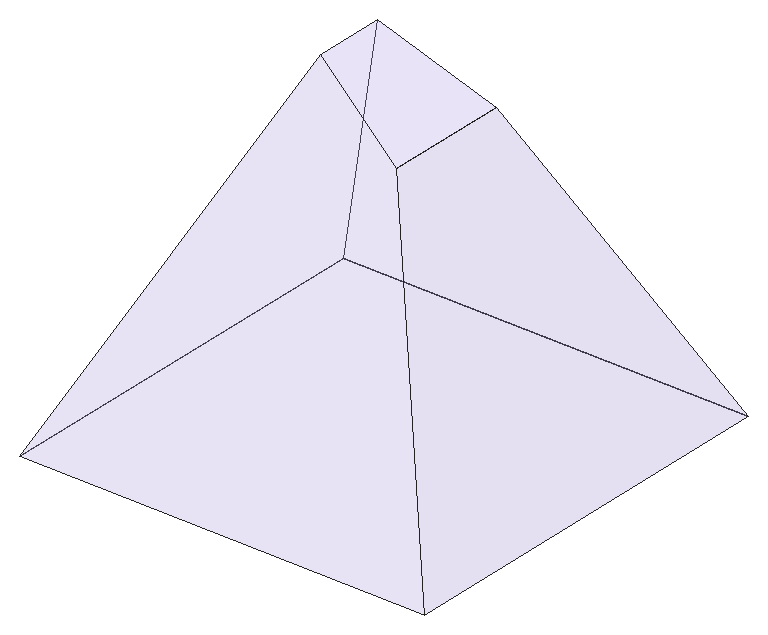
Revit family
Parameters
  Width [instance] = 9000 mm
  Mass Material [instance] = Default Mass
  Height [instance] = 9000 mm
  Depth [instance] = 9000 mm
  Default Elevation = 1200 mm
  Cut Height [instance] = 7000 mm
  Cut Angel [instance] = 30.00°
Reference planes
  plane 1 "Center (Front/Back)": y = 12.955
  plane 2: z = 0
  plane 3 "Center (Left/Right)": x = -30.261
  plane 4: y = 4512.955
  plane 5: x = 4469.739
  plane 6: x = -4530.261
  plane 7: y = -4487.045
  plane 8: z = 9000
  plane 9: z = 7000
  plane 10: z = 16000
Forms (mm)
  Extrusion 1, solid, material "Default Mass"
    sketch origin (0, 0, 0) x (1, 0, 0) y (0, 1, 0)
      loop
        line (-4530.261, 4512.955) -> (-4530.261, -4487.045) -> (4469.739, -4487.045) -> (4469.739, 4512.955) -> (-4530.261, 4512.955)
    from 0 to 9000
  Extrusion 2, void
    sketch origin (0, 12.955, 0) x (1, 0, 0) y (0, 0, 1)
      loop
        line (-4682.661, 0) -> (-4377.861, 0) -> (-30.261, 9000) -> (4317.339, 0) -> (4622.139, 0) -> (4622.139, 9152.4) -> (-4682.661, 9152.4) -> (-4682.661, 0)
    from -4500 to 4500
  Extrusion 3, void
    sketch origin (-30.261, 0, 0) x (0, 1, 0) y (0, 0, 1)
      loop
        line (4665.355, 0) -> (4665.355, 9152.4) -> (-4639.445, 9152.4) -> (-4639.445, 0) -> (-4339.561, 0) -> (12.955, 9000) -> (4365.471, 0) -> (4665.355, 0)
    from -4500 to 4500
  Extrusion 4, void
    sketch origin (0, 12.955, 0) x (1, 0, 0) y (0, 0, 1)
      loop
        line (4469.739, 4401.924) -> (4469.739, 16000) -> (-4530.261, 16000) -> (-4530.261, 9598.076) -> (4469.739, 4401.924)
    from -4500 to 4500
Cuts and joins
  Extrusion 2, Extrusion 3, Extrusion 4 cuts Extrusion 1
Lines and regions (mm)
  reference lines
    curve 1: line (-30.261, 12.955, 7000) -> (-822.154, 12.955, 7457.2)
Dimensions and locks
  equal spacing: plane 6, plane 3 "Center (Left/Right)", plane 5
  "Width": plane 6 to plane 5
  equal spacing: plane 4, plane 1 "Center (Front/Back)", plane 7
  "Depth": plane 4 to plane 7
  locked: plane 6 to Extrusion 2 sketch curve at 152.4
  locked: Extrusion 2 sketch curve to plane 8 at 152.4
  locked: Extrusion 2 sketch curve to plane 5 at 152.4
  locked: Extrusion 3 sketch curve to plane 4 at 152.4
  locked: Extrusion 3 sketch curve to plane 8 at 152.4
  locked: plane 7 to Extrusion 3 sketch curve at 152.4
  "Cut Height": plane 9 to plane 2
  "Height": plane 10 to plane 9
  locked: plane 2 to level
  "Height": plane 8 to plane 2
  "Cut Angel": angle curve 1 to plane 9
  aligned and locked: Extrusion 1 sketch curve to plane 5
  aligned and locked: Extrusion 1 sketch curve to plane 6
  aligned and locked: Extrusion 1 sketch curve to plane 4
  aligned and locked: Extrusion 1 sketch curve to plane 7
  aligned and locked: plane 8 to Extrusion 1
  aligned and locked: Extrusion 2 sketch curve to Extrusion 2 sketch curve
  aligned and locked: Extrusion 2 sketch curve to cut or joined group of Extrusion 1, Extrusion 2, Extrusion 3, Extrusion 4
  aligned and locked: Extrusion 2 to plane 4
  aligned and locked: Extrusion 2 to plane 7
  aligned and locked: cut or joined group of Extrusion 1, Extrusion 2, Extrusion 3, Extrusion 4 to Extrusion 3 sketch curve
  aligned and locked: Extrusion 3 to plane 6
  aligned and locked: Extrusion 3 to plane 5
  aligned and locked: Extrusion 2 sketch curve to plane 2  (x2)
  aligned and locked: plane 2 to Extrusion 3 sketch curve  (x2)
  aligned and locked: cut or joined group of Extrusion 1, Extrusion 2, Extrusion 3, Extrusion 4 to plane 2
  aligned and locked: Extrusion 4 sketch curve to curve 1
  aligned and locked: plane 6 to Extrusion 4 sketch curve
  aligned and locked: Extrusion 4 sketch curve to plane 10
  aligned and locked: Extrusion 4 sketch curve to plane 5
  aligned and locked: plane 5 to Extrusion 4 sketch curve
  aligned and locked: Extrusion 4 to plane 4
  aligned and locked: Extrusion 4 to plane 7
Automatic sketch dimensions
  Extrusion 2 sketch curve to plane 3 "Center (Left/Right)" = 0 mm
  plane 6 to Extrusion 2 sketch curve = 152.4 mm
  Extrusion 2 sketch curve to plane 5 = 152.4 mm
  Extrusion 3 sketch curve to plane 1 "Center (Front/Back)" = 0 mm
  plane 7 to Extrusion 3 sketch curve = 147.484 mm
  Extrusion 3 sketch curve to plane 4 = 147.484 mm
  curve 1 to plane 3 "Center (Left/Right)" = 0 mm
  curve 1 to plane 9 = 0 mm
